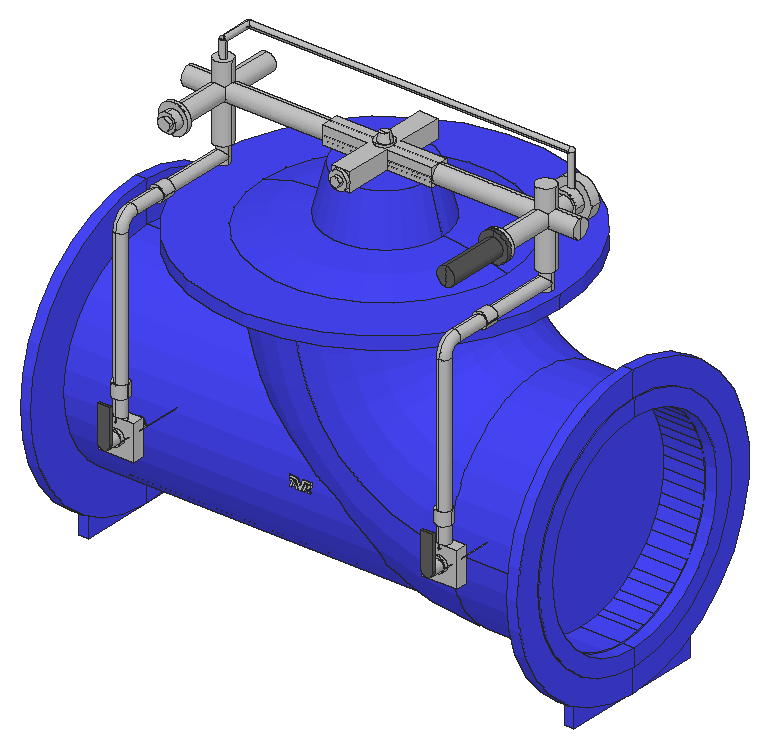
Revit family "859-001X-001 DN350-600 final", category Pipe Accessories, Revit 2022
Family settings
  Round Connector Dimension = Use Diameter
  Part Type = Valve - Breaks Into
  Work Plane-Based = No
  Always vertical = Yes
  Cut with Voids When Loaded = No
  Shared = No
Parameters (values of type "DN600_PN16_Pilot range ( 1.5 - 6)")
  sweep_box2 = Bolt_Dia / 2  # 22.1 mm
  sweep_box1 = Centre_D * 0.5  # 50 mm
  sweep_H1 = Bonnet_dim1_H * 1.4  # 43.05 mm
  sweep_H = (H3 - D) * 0.65  # 565.5 mm
  sweep_D = size_lookup(Search_table, "sweep_D", 0 mm, DN)  # 34 mm
  sweep_2 = sweep1 / 2  # 8.5 mm
  sweep1 = sweep_D * 0.5  # 17 mm
  sweep/2 = sweep1 / 2  # 8.5 mm
  sweep = sweep_D * 1.1  # 37.4 mm
  nut_dim = Bonnet_D1 * 0.5  # 252 mm
  Wd2 = size_lookup(Search_table, "Wd2", 0 mm, DN)  # 509 mm
  Wd1 = W1 * 0.85  # 432.65 mm
  Sweep_R = sweep1 * 1.5  # 25.5 mm
  L3 = Bonnet_R * 1.1  # 582.12 mm
  dim1 = W1 * 0.4  # 203.6 mm
  centre = Bore1 * 1.3  # 468.39 mm
  W22 = W2 * 0.8  # 407.2 mm
  W2 = size_lookup(Search_table, "W2", 0 mm, DN)  # 509 mm
  W11 = (W1 - sweep_D) * 0.78  # 370.5 mm
  W1 = size_lookup(Search_table, "W1", 0 mm, DN)  # 509 mm
  W = W1 - (sweep_D / 2)  # 492 mm
  URL_product_pages = "https://www.avkvalves.com/P.aspx?no=8590065001140010"
  Thickness1 = Thickness * 1.2  # 25.92 mm
  Thickness = FL_T * 0.6  # 21.6 mm
  Raised_dis = size_lookup(Search_table, "Raised_dis", 0 mm, DN)  # 5 mm
  Raised_R = (D - Bore) * 0.4  # 47.9 mm
  Nut_T = FL_T * 0.8  # 28.8 mm
  Nut_Dim2 = Control_dim1 * 0.4  # 10.584 mm
  Nut_Dim1 = Bolt_Dia * 1.3  # 57.46 mm
  L = size_lookup(Search_table, "L", 0 mm, DN)  # 1450 mm
  H4 = H33 * 2  # 97.875 mm
  H33 = (H3 - (D + Bonnet_dim1_H1)) * 0.3  # 48.937 mm
  H3 = size_lookup(Search_table, "H3", 0 mm, DN)  # 1290 mm
  FL_T = size_lookup(Search_table, "FL_T", 0 mm, DN)  # 36 mm
  DN350_PN16_Pilot range ( 0.3 - 1.5) = "859-0350-00-1140018"
  DN400_PN10_Pilot range ( 1.5 - 6) = "859-0400-00-0140010"
  DN350_PN16_Pilot range ( 10 - 16) = "859-0350-00-1140012"
  DN350_PN16_Pilot range ( 5 - 10) = "859-0350-00-1140011"
  DN350_PN16_Pilot range ( 0.5 - 6) = "859-0350-00-1140010"
  DN350_PN10_Pilot range ( 5 - 10) = "859-0350-00-0140011"
  DN350_PN10_Pilot range ( 1.5 - 6) = "859-0350-00-0140010"
  DN600_PN16_Pilot range ( 0.3 - 1.5) = "859-0600-00-1140018"
  DN600_PN16_Pilot range ( 5 - 10) = "859-0600-00-1140011"
  DN600_PN16_Pilot range ( 10 - 16) = "859-0600-00-1140012"
  DN600_PN16_Pilot range ( 1.5 - 6) = "859-0600-00-1140010"
  DN600_PN10_Pilot range ( 0.3 - 1.5) = "859-0600-00-0140018"
  DN600_PN10_Pilot range ( 5 - 10) = "859-0600-00-0140011"
  DN600_PN10_Pilot range ( 1.5 - 6) = "859-0600-00-0140010"
  DN500_PN16_Pilot range ( 0.3 - 1.5) = "859-0500-00-1140018"
  DN500_PN16_Pilot range ( 5 - 10) = "859-0500-00-1140011"
  DN500_PN16_Pilot range ( 10 - 16) = "859-0500-00-1140012"
  DN500_PN16_Pilot range ( 1.5 - 6) = "859-0500-00-1140010"
  DN500_PN10_Pilot range ( 0.3 - 1.5) = "859-0500-00-0140018"
  DN500_PN10_Pilot range ( 5 - 10) = "859-0500-00-0140011"
  DN500_PN10_Pilot range ( 1.5 - 6) = "859-0500-00-0140010"
  DN450_PN16_Pilot range ( 0.3 - 1.5) = "859-0450-00-1140018"
  DN450_PN16_Pilot range ( 5 - 10) = "859-0450-00-1140011"
  DN450_PN16_Pilot range (  10 - 16) = "859-0450-00-1140012"
  DN450_PN16_Pilot range ( 1.5 - 6) = "859-0450-00-1140010"
  DN450_PN10_Pilot range ( 0.3 - 1.5) = "859-0450-00-0140018"
  DN450_PN10_Pilot range ( 1.5 - 6) = "859-0450-00-0140010"
  DN450_PN10_Pilot range ( 5 - 10) = "859-0450-00-0140011"
  DN400_PN16_Pilot range ( 0.3 - 1.5) = "859-0400-00-1140018"
  DN400_PN16_Pilot range ( 10 - 16) = "859-0400-00-1140012"
  DN400_PN16_Pilot range ( 1.5 - 6) = "859-0400-00-1140010"
  DN400_PN16_Pilot range ( 5 - 10) = "859-0400-00-1140011"
  DN400_PN10_Pilot range ( 0.3 - 1.5) = "859-0400-00-0140018"
  DN400_PN10_Pilot range ( 5 - 10) = "859-0400-00-0140011"
  D = size_lookup(Search_table, "D", 0 mm, DN) / 2  # 420 mm
  Search_table = "859-001X-001 DN350-600"
  Description_ = "AVK CONTROL VALVE, PRESSURE SUSTAINING/RELIEF, PN10/16"
  Default Elevation = 0 mm
  DN350_PN10_Pilot range ( 0.3 - 1.5) = "859-0350-00-0140018"
  DN = 600.5 mm
  Control_dim7 = Control_dim6 * 1.35  # 57.868 mm
  Control_dim6 = Control_dim5 * 1.2  # 42.865 mm
  Control_dim5 = Control_dim1 * 1.35  # 35.721 mm
  Control_dim4 = Bonnet_D1 * 0.9  # 453.6 mm
  Control_dim3 = Control_dim1 * 0.5  # 13.23 mm
  Control_dim2 = Bonnet_dim3 * 1.2  # 158.76 mm
  Control_dim1 = Bonnet_dim3 * 0.2  # 26.46 mm
  Conrol_dim. = Bonnet_dim1 * 0.85  # 299.88 mm
  Centre_nut = Centre_D * 0.75  # 75 mm
  Centre_D1 = Centre_D * 0.8  # 80 mm
  Centre_D = size_lookup(Search_table, "Centre_D", 0 mm, DN)  # 100 mm
  Bore2 = Bore * 1.5  # 450.375 mm
  Bore1 = Bore * 1.2  # 360.3 mm
  Bore = DN / 2  # 300.25 mm
  Bonnet_dim3 = Bonnet_dim2 * 0.75  # 132.3 mm
  Bonnet_dim2 = Bonnet_dim1 / 2  # 176.4 mm
  Bonnet_dim1_H1 = sweep_H * 1.25  # 706.875 mm
  Bonnet_dim1_H = (sweep_H - Body_H) / 2  # 30.75 mm
  Bonnet_dim1 = Bonnet_D1 * 0.7  # 352.8 mm
  Bonnet_R = Bonnet_dim1 * 1.5  # 529.2 mm
  Bonnet_D1 = D * 1.2  # 504 mm
  Bonnet_D = D * 0.6  # 252 mm
  Bolt_Dia = sweep_D * 1.3  # 44.2 mm
  Body_Rib_L = D * 0.5  # 210 mm
  Body_H = D * 1.2  # 504 mm
  Actuator_d = Control_dim7 * 1.2  # 69.442 mm
  Actuator_L1 = Actuator_L * 0.9  # 206.145 mm
  Actuator_L = W2 * 0.45  # 229.05 mm
  Actuator = 0 mm  # constant formula
  8 = 8 mm  # constant formula
  53 = 40 mm / 2  # 20 mm
  50 = 50 mm  # constant formula
  48 = 30 mm / 2  # 15 mm
  3 = 3 mm  # constant formula
  18 = 11 mm  # constant formula
  131 = 131 mm  # constant formula
  10 = 10 mm  # constant formula
  0 = 0 mm  # constant formula
Reference planes
  plane 1 "Center (Front/Back)": y = 0
  plane 2: z = 0
  plane 3 "Center (Left/Right)": x = 0
  plane 4: x = -725
  plane 5: x = 725
  plane 6: z = 300.25
  plane 7: z = -300.25
  plane 8: z = 504
  plane 9: z = 870
  plane 10: z = -420
  plane 11: y = -432.65
  plane 12: y = -396.3
  plane 13: y = -360.3
  plane 14: y = -406.3
  plane 15: z = 534.75
  plane 16: z = 706.875
  plane 17: z = -303.25
  plane 18: x = 720
  plane 19: x = -720
  plane 20: x = -568.39
  plane 21: x = -468.39
  plane 22: x = 468.39
  plane 23: y = -393.3
  plane 24: y = -370.5
  plane 25: y = -352.8
  plane 26: z = 50
  plane 27: z = 821.063
  plane 28: z = 733.335
  plane 29: y = -158.76
  plane 30: y = -34.713
  plane 31: y = -169.344
  plane 32: z = 759.795
  plane 33: x = -300.25
  plane 34: z = 565.5
  plane 35: z = 587.6
  plane 36: z = 786.255
  plane 37: z = 100
  plane 38: y = -203.6
  plane 39: y = 407.2
  plane 40: y = -26.46
  plane 41: y = 62.46
  plane 42: y = 26.46
  plane 43: y = 91.26
  plane 44: y = 120.06
  plane 45: x = 582.12
  plane 46: x = 617.841
  plane 47: x = 568.39
  plane 48: z = 861.5
  plane 49: through (0, 0, 1200) normal (-0.766, -0.6428, 0)
  plane 50: y = 94.8
  plane 51: z = 772.125
  plane 52: x = 648.39
  plane 53: y = 299.88
  plane 54: y = 509
  plane 55: y = -509
Forms (mm)
  Revolve 1, solid, material "Laminate, Blue, Matte"
    sketch origin (0, 0, 0) x (1, 0, 0) y (0, 0, 1)
      loop
        line (-725, 300.25) -> (725, 300.25) -> (725, 348.15) -> (720, 348.15) -> (720, 420) -> (689, 420) -> (689, 303.25) -> (-689, 303.25) -> (-689, 420) -> (-720, 420) -> (-720, 348.15) -> (-725, 348.15) -> (-725, 300.25)
      axis (-725, 0) -> (725, 0)
    angle from 0 to 360
  Extrusion 2, solid, material "Laminate, Blue, Matte"
    sketch origin (-387.236, -1524, 504) x (-1, 0, 0) y (0, -1, 0)
      loop
        circle (-387.236, -1524) r 509
    from 0 to 36
  Extrusion 3, solid, material "Laminate, Blue, Matte"
    sketch origin (0, 0, 0) x (0, 1, 0) y (0, 0, 1)
      loop
        circle (0, 0) r 300.25
    from -568.39 to 568.39
  Extrusion 4, solid, material "Default Wall"
    sketch origin (0, -396.3, 1382.259) x (0, 0, 1) y (-1, 0, 0)
      loop
        circle (-1382.259, 468.39) r 17
      loop
        circle (-1382.259, -468.39) r 17
    from 0 to -396.3
  Extrusion 5, solid, material "Default Wall"
    sketch origin (0, -396.3, 1382.259) x (0, 0, 1) y (-1, 0, 0)
      loop
        circle (-1382.259, 468.39) r 22.1
      loop
        circle (-1382.259, -468.39) r 22.1
    from 0 to -25.8
  Sweep 6, solid, material "Default Wall"
    path origin (0, 0, 0) x (0, 1, 0) y (0, 0, 1)
      loop
        line (0, 0) -> (-333.1, 0)
        arc (-333.1, 0) -> (-359.546, 10.954) -> (-370.5, 37.4) r 37.4
        line (-370.5, 37.4) -> (-370.5, 528.1)
        arc (-370.5, 528.1) -> (-359.546, 554.546) -> (-333.1, 565.5) r 37.4
        line (-333.1, 565.5) -> (0, 565.5)
    profile origin (0, 0, 0) x (0, 0, -1) y (1, 0, 0)
      loop
        circle (0, -468.39) r 17
      loop
        circle (0, 468.39) r 17
  Revolve 7, solid, material "Laminate, Blue, Matte"
    sketch origin (0, 0, 0) x (1, 0, 0) y (0, 0, 1)
      loop
        line (0, 540) -> (352.8, 540)
        arc (352.8, 540) -> (177.005, 573.797) -> (0, 547.05) r 529.2
        line (0, 547.05) -> (0, 540)
      axis (0, 547.05) -> (0, 540)
    angle from 0 to 360
  Revolve 8, solid, material "Laminate, Blue, Matte"
    sketch origin (0, 0, 0) x (1, 0, 0) y (0, 0, 1)
      loop
        line (0, 534.75) -> (176.4, 534.75) -> (132.3, 706.875) -> (0, 706.875) -> (0, 534.75)
      axis (0, 534.75) -> (0, 706.875)
    angle from 0 to 360
  Extrusion 9, solid, material "Laminate, Blue, Matte"
    sketch origin (0, 0, 0) x (0, 1, 0) y (0, 0, 1)
      loop
        line (210, -303.25) -> (-210, -303.25) -> (-210, -420) -> (210, -420) -> (210, -303.25)
    from 689 to 717
  Extrusion 10, solid, material "Laminate, Blue, Matte"
    sketch origin (0, 0, 0) x (0, 1, 0) y (0, 0, 1)
      loop
        line (210, -303.25) -> (-210, -303.25) -> (-210, -420) -> (210, -420) -> (210, -303.25)
    from -689 to -717
  Extrusion 11, solid, material "Default Wall"
    sketch origin (0, 0, 0) x (1, 0, 0) y (0, 0, 1)
      loop
        circle (-468.39, 0) r 17
      loop
        circle (468.39, 0) r 17
    from 0 to 424.65
  Extrusion 12, solid, material "Default Roof"
    sketch origin (0, 0, 0) x (1, 0, 0) y (0, 0, 1)
      loop
        arc (-485.39, 0) -> (-480.411, -12.021) -> (-468.39, -17) r 17
        arc (-468.39, -17) -> (-456.369, -12.021) -> (-451.39, 0) r 17
        line (-451.39, 0) -> (-451.39, 100) -> (-485.39, 100) -> (-485.39, 0)
      loop
        arc (451.39, 0) -> (456.369, -12.021) -> (468.39, -17) r 17
        arc (468.39, -17) -> (480.411, -12.021) -> (485.39, 0) r 17
        line (485.39, 0) -> (485.39, 100) -> (451.39, 100) -> (451.39, 0)
    from 432.65 to 424.65
  Extrusion 13, solid, material "Default Wall"
    sketch origin (-741.585, -1524, 706.875) x (-1, 0, 0) y (0, -1, 0)
      loop
        line (-768.045, -1550.46) -> (-768.045, -1682.76) -> (-715.125, -1682.76) -> (-715.125, -1550.46) -> (-582.825, -1550.46) -> (-582.825, -1497.54) -> (-715.125, -1497.54) -> (-715.125, -1365.24) -> (-768.045, -1365.24) -> (-768.045, -1497.54) -> (-900.345, -1497.54) -> (-900.345, -1550.46) -> (-768.045, -1550.46)
    from 0 to 52.92
  Revolve 14, solid, material "Default Wall"
    sketch origin (0, 0, 0) x (1, 0, 0) y (0, 0, 1)
      loop
        line (0, 733.335) -> (26.46, 733.335) -> (13.23, 786.255) -> (0, 786.255) -> (0, 733.335)
      axis (0, 786.255) -> (0, 733.335)
    angle from 0 to 360
  Extrusion 15, solid, material "Default Wall"
    sketch origin (0, 0, 0) x (1, 0, 0) y (0, 0, 1)
      loop
        circle (0, 733.335) r 26.46
    from 158.76 to 169.344
  Extrusion 16, solid, material "Default Wall"
    sketch origin (0, 0, 0) x (1, 0, 0) y (0, 0, 1)
      loop
        circle (0, 733.335) r 13.23
    from 169.344 to 179.928
  Extrusion 17, solid, material "Default Wall"
    sketch origin (-741.585, -1524, 706.875) x (-1, 0, 0) y (0, -1, 0)
      loop
        circle (-741.585, -1524) r 26.46
    from 52.92 to 57.92
  Sweep 18, solid, material "Laminate, Blue, Matte"
    path origin (0, 0, 0) x (1, 0, 0) y (0, 0, 1)
      loop
        line (0, 504) -> (0, 450.375)
        arc (0, 450.375) -> (131.912, 131.912) -> (450.375, 0) r 450.375
        line (450.375, 0) -> (689, 0)
    profile origin (0, 0, 504) x (0, -1, 0) y (1, 0, 0)
      loop
        circle (0, 0) r 300.25
      loop
        circle (0, 0) r 326.17
  Extrusion 19, solid, material "Default Wall"
    sketch origin (-741.585, -1524, 706.875) x (-1, 0, 0) y (0, -1, 0)
      loop
        circle (-273.195, -1524) r 26.46
      loop
        circle (-1209.975, -1524) r 26.46
    from -109.275 to 108.18
  Extrusion 20, solid, material "Default Wall"
    sketch origin (-741.585, -1524, 706.875) x (-1, 0, 0) y (0, -1, 0)
      loop
        circle (-273.195, -1524) r 17
      loop
        circle (-1209.975, -1524) r 17
    from 26.46 to -163.475
  Extrusion 21, solid, material "Default Wall"
    sketch origin (0, 0, 0) x (1, 0, 0) y (0, 0, 1)
      loop
        circle (-468.39, 565.5) r 22.1
      loop
        circle (468.39, 565.5) r 22.1
    from 203.6 to 239.6
  Extrusion 22, solid, material "Default Wall"
    sketch origin (-741.585, -1524, 706.875) x (-1, 0, 0) y (0, -1, 0)
      loop
        circle (-273.195, -1153.5) r 22.1
      loop
        circle (-1209.975, -1153.5) r 22.1
    from -606.875 to -570.875
  Extrusion 23, solid, material "Default Wall"
    sketch origin (0, 0, 0) x (1, 0, 0) y (0, 0, 1)
      loop
        circle (-468.39, 733.335) r 17
      loop
        circle (468.39, 733.335) r 17
    from 203.6 to 214.184
  Extrusion 24, solid, material "Default Wall"
    sketch origin (0, 0, 13.394) x (1, 0, 0) y (0, 0, 1)
      loop
        circle (468.39, 719.941) r 35.721
    from -91.26 to -62.46
  Extrusion 25, solid, material "Default Wall"
    sketch origin (0, 0, 0) x (1, 0, 0) y (0, 0, 1)
      loop
        circle (468.39, 733.335) r 57.868
    from -120.06 to -91.26
  Revolve 26, solid, material "Default Wall"
    sketch origin (0, 0, 0) x (1, 0, 0) y (0, 0, 1)
      loop
        line (-568.39, 759.795) -> (-568.39, 733.335) -> (568.39, 733.335) -> (568.39, 759.795) -> (-568.39, 759.795)
      axis (-568.39, 733.335) -> (568.39, 733.335)
    angle from 0 to 360
  Extrusion 27, solid, material "Default Wall"
    sketch origin (-435.053, -1318.355, 861.5) x (-1, 0, 0) y (0, -1, 0)
      loop
        circle (-903.443, -1409.615) r 8.5
    from -128.165 to 0
  Extrusion 28, solid, material "Default Wall"
    sketch origin (4267.2, 91.26, 742.449) x (0, 0, 1) y (1, 0, 0)
      loop
        circle (-9.114, -4735.59) r 26.46
    from -260.604 to -91.26
  Extrusion 29, solid, material "Default Wall"
    sketch origin (4267.2, 91.26, 742.449) x (0, 0, 1) y (1, 0, 0)
      loop
        circle (-9.114, -4735.59) r 42.865
      loop
        circle (-9.114, -3798.81) r 42.865
    from -271.188 to -260.604
  Extrusion 30, solid, material "Default Wall"
    sketch origin (4267.2, 91.26, 742.449) x (0, 0, 1) y (1, 0, 0)
      loop
        circle (-9.114, -4735.59) r 26.46
    from -294.86 to -260.604
  Extrusion 31, solid, material "Default Wall"
    sketch origin (4267.2, 91.26, 742.449) x (0, 0, 1) y (1, 0, 0)
      loop
        circle (-9.114, -3798.81) r 26.46
    from -260.604 to -91.26
  Extrusion 32, solid, material "Default Wall"
    sketch origin (4267.2, 91.26, 742.449) x (0, 0, 1) y (1, 0, 0)
      loop
        circle (-9.114, -3798.81) r 26.46
    from -91.26 to -28.8
  Revolve 33, solid, material "Default Roof"
    sketch origin (468.39, -1524, 720.321) x (0, 0, 1) y (0, -1, 0)
      loop
        line (39.474, -1161.64) -> (13.014, -1161.64) -> (13.014, -1344.072) -> (55.88, -1344.072) -> (55.88, -1333.072) -> (39.474, -1333.072) -> (39.474, -1161.64)
      axis (13.014, -1161.64) -> (13.014, -1344.072)
    angle from 0 to 360
  Revolve 34, solid, material "Default Wall"
    sketch origin (-470.377, -1524, 861.5) x (-1, 0, 0) y (0, -1, 0)
      loop
        line (-1.987, -1615.26) -> (-1.987, -1606.76) -> (-937.953, -1606.76)
        arc (-937.953, -1606.76) -> (-944.258, -1609.204) -> (-947.267, -1615.26) r 9.353
        line (-947.267, -1615.26) -> (-1.987, -1615.26)
      axis (-1.987, -1615.26) -> (-947.267, -1615.26)
    angle from 0 to 360
  Extrusion 35, solid, material "Default Wall"
    sketch origin (-470.377, -1524, 861.5) x (-1, 0, 0) y (0, -1, 0)
      loop
        circle (-1.987, -1524) r 8.5
    from -128.165 to 0
  Revolve 36, solid, material "Default Wall"
    sketch origin (-468.39, -1524, 720.321) x (0, 0, 1) y (0, -1, 0)
      loop
        line (149.679, -1524) -> (141.179, -1524) -> (141.179, -1615.26) -> (149.679, -1615.26) -> (149.679, -1524)
      axis (141.179, -1615.26) -> (141.179, -1524)
    angle from 0 to 360
  Extrusion 37, solid, material "Default Wall"
    sketch origin (4267.2, 91.26, 742.449) x (0, 0, 1) y (1, 0, 0)
      loop
        line (-692.449, -4785.59) -> (-692.449, -4685.59) -> (-792.449, -4685.59) -> (-792.449, -4785.59) -> (-692.449, -4785.59)
      loop
        line (-692.449, -3848.81) -> (-692.449, -3748.81) -> (-792.449, -3748.81) -> (-792.449, -3848.81) -> (-692.449, -3848.81)
    from -478.76 to -444.76
  Extrusion 38, solid, material "Default Wall"
    sketch origin (4267.2, 91.26, 742.449) x (0, 0, 1) y (1, 0, 0)
      loop
        circle (-9.114, -4735.59) r 26.46
    from -91.26 to 67.5
Dimensions and locks
  equal spacing: plane 5, plane 3 "Center (Left/Right)", plane 4
  "L": plane 5 to plane 4
  equal spacing: plane 6, level, plane 7
  "Bore": plane 6 to level
  equal spacing: Revolve 1 sketch curve, plane 3 "Center (Left/Right)", Revolve 1 sketch curve  (x2)
  "FL_T": Revolve 1 sketch curve to plane 4
  "Raised_dis": Revolve 1 sketch curve to plane 4
  "3": Revolve 1 sketch curve to plane 6
  "D": Revolve 1 sketch curve to level
  "Body_H": plane 8 to level
  equal spacing: Extrusion 2 sketch curve, plane 3 "Center (Left/Right)", Extrusion 2 sketch curve
  equal spacing: Extrusion 2 sketch curve, plane 1 "Center (Front/Back)", Extrusion 2 sketch curve
  "FL_T": Extrusion 2 to plane 8
  "D": level to plane 10
  "H3": plane 9 to plane 10
  equal spacing: Extrusion 3 sketch curve, plane 1 "Center (Front/Back)", Extrusion 3 sketch curve
  equal spacing: Extrusion 3 sketch curve, level, Extrusion 3 sketch curve
  equal spacing: Extrusion 3, plane 3 "Center (Left/Right)", Extrusion 3
  equal spacing: Extrusion 4 sketch curve, plane 3 "Center (Left/Right)", Extrusion 4 sketch curve
  "centre": plane 3 "Center (Left/Right)" to Extrusion 4 sketch curve
  "Wd1": plane 1 "Center (Front/Back)" to plane 11
  "FL_T": plane 13 to plane 12
  "Bore1": plane 1 "Center (Front/Back)" to plane 13
  equal spacing: Extrusion 5 sketch curve, plane 3 "Center (Left/Right)", Extrusion 5 sketch curve
  equal spacing: Extrusion 5 sketch curve, level, Extrusion 5 sketch curve  (x2)
  "centre": Extrusion 5 sketch curve to plane 3 "Center (Left/Right)"
  plane 14 to plane 1 "Center (Front/Back)" = 406.3 mm
  "10": plane 14 to plane 12
  "sweep_H": Sweep 6 sketch curve to level
  "W11": Sweep 6 sketch curve to plane 1 "Center (Front/Back)"
  equal spacing: Sweep 6 sketch curve, level, Sweep 6 sketch curve  (x2)
  "centre": plane 3 "Center (Left/Right)" to Sweep 6 sketch curve
  equal spacing: Sweep 6 sketch curve, plane 3 "Center (Left/Right)", Sweep 6 sketch curve
  "FL_T": Revolve 7 sketch curve to plane 8
  "Bonnet_dim1": Revolve 7 sketch curve to plane 3 "Center (Left/Right)"
  "Bonnet_dim1_H1": plane 16 to level
  "Bonnet_dim3": Revolve 8 sketch curve to plane 3 "Center (Left/Right)"
  "Bonnet_dim2": Revolve 8 sketch curve to plane 3 "Center (Left/Right)"
  "Bonnet_dim1_H": plane 15 to plane 8
  "sweep_H1": Revolve 7 sketch curve to plane 8
  equal spacing: Extrusion 9 sketch curve, plane 1 "Center (Front/Back)", Extrusion 9 sketch curve
  "Body_Rib_L": Extrusion 9 sketch curve to plane 1 "Center (Front/Back)"
  "3": plane 7 to plane 17
  "FL_T": plane 5 to Extrusion 9
  "Raised_dis": plane 18 to plane 5
  equal spacing: Extrusion 10 sketch curve, plane 1 "Center (Front/Back)", Extrusion 10 sketch curve
  "Body_Rib_L": Extrusion 10 sketch curve to plane 1 "Center (Front/Back)"
  "3": plane 7 to Extrusion 10 sketch curve
  "FL_T": Extrusion 10 to plane 4
  "Raised_dis": plane 19 to plane 4
  "3": plane 19 to Extrusion 10
  equal spacing: Extrusion 9, plane 3 "Center (Left/Right)", Extrusion 10
  equal spacing: plane 22, plane 3 "Center (Left/Right)", plane 21
  "centre": plane 3 "Center (Left/Right)" to plane 21
  "Centre_D": plane 21 to plane 20
  "W11": plane 24 to plane 1 "Center (Front/Back)"
  "Bonnet_dim1": plane 25 to plane 1 "Center (Front/Back)"
  "sweep_box1": plane 26 to level
  "sweep_box1": Extrusion 12 to plane 26
  "8": plane 11 to Extrusion 12
  "H33": plane 9 to plane 27
  equal spacing: Extrusion 13 sketch curve, plane 3 "Center (Left/Right)", Extrusion 13 sketch curve  (x2)
  equal spacing: Extrusion 13 sketch curve, plane 1 "Center (Front/Back)", Extrusion 13 sketch curve  (x2)
  "Control_dim2": Extrusion 13 sketch curve to plane 3 "Center (Left/Right)"
  "Control_dim2": plane 1 "Center (Front/Back)" to Extrusion 13 sketch curve
  "Control_dim1": plane 3 "Center (Left/Right)" to Extrusion 13 sketch curve
  "Control_dim1": plane 1 "Center (Front/Back)" to Extrusion 13 sketch curve
  "Control_dim3": Revolve 14 sketch curve to plane 3 "Center (Left/Right)"
  "Control_dim1": Revolve 14 sketch curve to Extrusion 13
  "Raised_R": Revolve 1 sketch curve to plane 6
  "Control_dim1": plane 28 to plane 16
  "Control_dim1": Extrusion 13 to plane 28
  "Control_dim1": Revolve 14 sketch curve to plane 3 "Center (Left/Right)"
  equal spacing: Extrusion 15 sketch curve, plane 3 "Center (Left/Right)", Extrusion 15 sketch curve
  equal spacing: Extrusion 15 sketch curve, plane 28, Extrusion 15 sketch curve
  "Control_dim2": plane 29 to plane 1 "Center (Front/Back)"
  "Nut_Dim2": Extrusion 15 to plane 29
  equal spacing: Extrusion 16 sketch curve, plane 3 "Center (Left/Right)", Extrusion 16 sketch curve
  equal spacing: Extrusion 16 sketch curve, plane 28, Extrusion 16 sketch curve
  "Nut_Dim2": plane 31 to plane 29
  "Nut_Dim2": Extrusion 16 to plane 31
  equal spacing: Extrusion 17 sketch curve, plane 3 "Center (Left/Right)", Extrusion 17 sketch curve
  equal spacing: Extrusion 17 sketch curve, Extrusion 4, Extrusion 17 sketch curve
  "Control_dim1": plane 32 to plane 28
  "Raised_dis": Extrusion 17 to plane 32
  "FL_T": plane 5 to Sweep 18 sketch curve
  equal spacing: Sweep 18 sketch curve, plane 3 "Center (Left/Right)", Sweep 18 sketch curve  (x2)
  equal spacing: Sweep 18 sketch curve, plane 1 "Center (Front/Back)", Sweep 18 sketch curve  (x2)
  "Bore": plane 33 to plane 3 "Center (Left/Right)"
  "Thickness1": Sweep 18 sketch curve to plane 33
  equal spacing: Extrusion 19 sketch curve, plane 1 "Center (Front/Back)", Extrusion 19 sketch curve  (x2)
  equal spacing: Extrusion 19 sketch curve, plane 3 "Center (Left/Right)", Extrusion 19 sketch curve
  equal spacing: Extrusion 19 sketch curve, plane 21, Extrusion 19 sketch curve
  "sweep_H": plane 34 to level
  "sweep_box2": plane 35 to plane 34
  "10": Extrusion 19 to plane 35
  "Control_dim1": plane 36 to plane 32
  equal spacing: Extrusion 20 sketch curve, plane 1 "Center (Front/Back)", Extrusion 20 sketch curve  (x2)
  equal spacing: Extrusion 20 sketch curve, plane 3 "Center (Left/Right)", Extrusion 20 sketch curve
  "centre": Extrusion 20 sketch curve to plane 3 "Center (Left/Right)"
  "sweep_box2": plane 34 to Extrusion 20
  equal spacing: Extrusion 21 sketch curve, plane 3 "Center (Left/Right)", Extrusion 21 sketch curve
  equal spacing: Extrusion 21 sketch curve, plane 21, Extrusion 21 sketch curve
  "sweep_H": Extrusion 21 sketch curve to level  (x2)
  equal spacing: Extrusion 22 sketch curve, plane 3 "Center (Left/Right)", Extrusion 22 sketch curve
  "W11": Extrusion 22 sketch curve to plane 1 "Center (Front/Back)"  (x2)
  equal spacing: Extrusion 22 sketch curve, plane 21, Extrusion 22 sketch curve
  "sweep_box1": plane 37 to plane 26
  "FL_T": Extrusion 22 to plane 37
  "dim1": plane 38 to plane 1 "Center (Front/Back)"
  "FL_T": Extrusion 21 to plane 38
  "W22": plane 1 "Center (Front/Back)" to plane 39
  "Control_dim1": plane 40 to plane 1 "Center (Front/Back)"
  equal spacing: Extrusion 23 sketch curve, plane 21, Extrusion 23 sketch curve
  equal spacing: Extrusion 23 sketch curve, plane 28, Extrusion 23 sketch curve  (x2)
  equal spacing: Extrusion 23 sketch curve, plane 3 "Center (Left/Right)", Extrusion 23 sketch curve
  "Nut_Dim2": Extrusion 23 to plane 38
  equal spacing: Extrusion 24 sketch curve, plane 22, Extrusion 24 sketch curve
  equal spacing: Extrusion 24 sketch curve, plane 28, Extrusion 24 sketch curve
  "Control_dim1": plane 1 "Center (Front/Back)" to plane 42
  "Nut_T": plane 41 to plane 43
  "FL_T": plane 42 to plane 41
  "Nut_T": plane 43 to plane 44
  equal spacing: Extrusion 25 sketch curve, plane 22, Extrusion 25 sketch curve
  equal spacing: Extrusion 25 sketch curve, plane 28, Extrusion 25 sketch curve
  "Nut_T": Extrusion 19 to plane 36
  "Nut_T": plane 43 to Extrusion 25
  "Control_dim1": Revolve 26 sketch curve to plane 28
  "L3": plane 3 "Center (Left/Right)" to plane 45
  "Control_dim5": plane 45 to plane 46
  equal spacing: Revolve 26 sketch curve, plane 3 "Center (Left/Right)", Revolve 26 sketch curve
  "Centre_D": plane 22 to plane 47
  "sweep/2": plane 9 to plane 48
  "H4": plane 9 to plane 51
  "Centre_D1": plane 47 to plane 52
  plane 5 to plane 4 = 1450 mm
  plane 11 to plane 1 "Center (Front/Back)" = 432.65 mm
  plane 9 to plane 10 = 1290 mm
  equal spacing: Extrusion 28 sketch curve, plane 28, Extrusion 28 sketch curve
  equal spacing: Extrusion 28 sketch curve, plane 21, Extrusion 28 sketch curve
  equal spacing: Extrusion 29 sketch curve, plane 21, Extrusion 29 sketch curve
  equal spacing: Extrusion 29 sketch curve, plane 22, Extrusion 29 sketch curve
  equal spacing: Extrusion 29 sketch curve, plane 28, Extrusion 29 sketch curve  (x2)
  equal spacing: Extrusion 30 sketch curve, plane 21, Extrusion 30 sketch curve
  equal spacing: Extrusion 30 sketch curve, plane 28, Extrusion 30 sketch curve
  equal spacing: Extrusion 27 sketch curve, plane 43, Extrusion 27 sketch curve
  equal spacing: Extrusion 27 sketch curve, plane 22, Extrusion 27 sketch curve
  equal spacing: Extrusion 31 sketch curve, plane 22, Extrusion 31 sketch curve
  equal spacing: Extrusion 31 sketch curve, plane 28, Extrusion 31 sketch curve
  "Conrol_dim.": plane 1 "Center (Front/Back)" to plane 53
  equal spacing: Extrusion 32 sketch curve, plane 22, Extrusion 32 sketch curve
  equal spacing: Extrusion 32 sketch curve, plane 28, Extrusion 32 sketch curve
  "Control_dim1": Revolve 33 sketch curve to plane 28
  "Control_dim6": Revolve 33 sketch curve to plane 28
  "Nut_Dim2": Revolve 33 sketch curve to plane 31
  "18": Revolve 33 sketch curve to Revolve 33 sketch curve
  "sweep/2": plane 43 to Revolve 34 sketch curve
  "sweep/2": plane 22 to Revolve 34 sketch curve
  equal spacing: Extrusion 35 sketch curve, plane 21, Extrusion 35 sketch curve
  equal spacing: Extrusion 35 sketch curve, plane 1 "Center (Front/Back)", Extrusion 35 sketch curve
  "sweep/2": Revolve 36 sketch curve to plane 48
  "W2": plane 1 "Center (Front/Back)" to plane 54
  "3": plane 12 to plane 23
  "W2": plane 55 to plane 1 "Center (Front/Back)"
  equal spacing: Extrusion 37 sketch curve, plane 21, Extrusion 37 sketch curve
  equal spacing: Extrusion 37 sketch curve, level, Extrusion 37 sketch curve
  equal spacing: Extrusion 37 sketch curve, plane 22, Extrusion 37 sketch curve
  "sweep_box1": plane 21 to Extrusion 37 sketch curve
  "sweep_box1": Extrusion 37 sketch curve to level
  "sweep1": plane 24 to Extrusion 37
  "sweep1": Extrusion 37 to plane 24
  "sweep_box1": Extrusion 37 sketch curve to plane 22
  equal spacing: Extrusion 38 sketch curve, plane 21, Extrusion 38 sketch curve
  equal spacing: Extrusion 38 sketch curve, plane 28, Extrusion 38 sketch curve
  "Control_dim2": plane 1 "Center (Front/Back)" to Extrusion 38
  "Control_dim2": Revolve 33 to plane 38
  "W1": radius of Extrusion 2 sketch curve
  "Bore": radius of Extrusion 3 sketch curve
  "sweep_D": diameter of Extrusion 4 sketch curve  (x2)
  "Bolt_Dia": diameter of Extrusion 5 sketch curve  (x2)
  "sweep": radius of Sweep 6 sketch curve  (x2)
  "sweep_D": diameter of Sweep 6 sketch curve  (x2)
  "Bonnet_R": radius of Revolve 7 sketch curve
  "Control_dim1": radius of Extrusion 15 sketch curve
  "Control_dim3": radius of Extrusion 16 sketch curve
  "Control_dim1": radius of Extrusion 17 sketch curve
  "Bore2": radius of Sweep 18 sketch curve
  "Bore": radius of Sweep 18 sketch curve
  "Control_dim1": radius of Extrusion 19 sketch curve  (x2)
  "sweep_D": diameter of Extrusion 20 sketch curve  (x2)
  "Bolt_Dia": diameter of Extrusion 21 sketch curve  (x2)
  "Bolt_Dia": diameter of Extrusion 22 sketch curve  (x2)
  "sweep_D": diameter of Extrusion 23 sketch curve  (x2)
  "Control_dim5": radius of Extrusion 24 sketch curve
  "Control_dim7": radius of Extrusion 25 sketch curve
  "Control_dim1": radius of Extrusion 28 sketch curve
  "Control_dim6": radius of Extrusion 29 sketch curve  (x2)
  "Control_dim1": radius of Extrusion 30 sketch curve
  "sweep1": diameter of Extrusion 27 sketch curve
  "Control_dim1": radius of Extrusion 31 sketch curve
  "Control_dim1": radius of Extrusion 32 sketch curve
  "sweep/2": radius of Extrusion 35 sketch curve
  "Control_dim1": radius of Extrusion 38 sketch curve
  aligned and locked: level to plane 2
  aligned and locked: Revolve 1 sketch curve to Revolve 1 sketch curve  (x2)
  aligned and locked: Revolve 1 sketch curve to plane 6
  aligned and locked: plane 5 to Revolve 1 sketch curve
  aligned and locked: Revolve 1 sketch curve to level
  aligned and locked: Extrusion 2 to plane 8
  aligned and locked: plane 1 "Center (Front/Back)" to Extrusion 4
  aligned and locked: plane 12 to Extrusion 4
  aligned and locked: level to Sweep 6 sketch curve
  aligned and locked: plane 1 "Center (Front/Back)" to Sweep 6 sketch curve  (x2)
  aligned and locked: Revolve 7 sketch curve to plane 3 "Center (Left/Right)"
  aligned and locked: Revolve 8 sketch curve to plane 3 "Center (Left/Right)"  (x2)
  aligned and locked: Revolve 8 sketch curve to plane 15
  aligned and locked: plane 16 to Revolve 8 sketch curve
  aligned and locked: Extrusion 9 sketch curve to plane 10
  aligned and locked: plane 17 to Extrusion 9
  aligned and locked: plane 10 to Extrusion 10 sketch curve
  aligned and locked: plane 20 to Extrusion 3
  aligned and locked: Extrusion 11 sketch curve to Sweep 6  (x3)
  aligned and locked: Extrusion 12 sketch curve to Extrusion 4  (x4)
  aligned and locked: Extrusion 12 to plane 11
  aligned and locked: Extrusion 12 to Extrusion 11
  aligned and locked: Extrusion 12 to Extrusion 12
  aligned and locked: Extrusion 4 to Extrusion 5
  aligned and locked: plane 24 to Extrusion 5
  aligned and locked: Extrusion 13 sketch curve to Extrusion 13 sketch curve  (x4)
  aligned and locked: plane 3 "Center (Left/Right)" to Revolve 14 sketch curve
  aligned and locked: Revolve 14 sketch curve to plane 3 "Center (Left/Right)"
  aligned and locked: plane 28 to Revolve 14 sketch curve
  aligned and locked: Extrusion 15 to Extrusion 13
  aligned and locked: Extrusion 16 to Extrusion 15
  aligned and locked: Extrusion 17 to Extrusion 13
  aligned and locked: Sweep 18 sketch curve to plane 3 "Center (Left/Right)"
  aligned and locked: Sweep 18 sketch curve to level
  aligned and locked: plane 8 to Sweep 18 sketch curve
  aligned and locked: plane 28 to Extrusion 20
  aligned and locked: Extrusion 22 to plane 37
  aligned and locked: Extrusion 21 to plane 38
  aligned and locked: Extrusion 23 to plane 38
  aligned and locked: plane 41 to Extrusion 24
  aligned and locked: plane 43 to Extrusion 24
  aligned and locked: Extrusion 25 to plane 43
  aligned and locked: plane 28 to Revolve 26 sketch curve
  aligned and locked: Revolve 26 sketch curve to plane 28
  aligned and locked: plane 20 to Revolve 26 sketch curve
  aligned and locked: Extrusion 27 to plane 28
  aligned and locked: Extrusion 27 to plane 48
  aligned and locked: Extrusion 28 to plane 1 "Center (Front/Back)"
  aligned and locked: Extrusion 28 to Extrusion 15
  aligned and locked: Extrusion 29 to Extrusion 15
  aligned and locked: Extrusion 29 to Extrusion 16
  aligned and locked: Extrusion 30 to Extrusion 15
  aligned and locked: Extrusion 21 to Extrusion 30
  aligned and locked: Extrusion 15 to Extrusion 31
  aligned and locked: Extrusion 4 to Extrusion 31
  aligned and locked: Extrusion 32 to Extrusion 4
  aligned and locked: Extrusion 32 to Extrusion 24
  aligned and locked: plane 28 to Revolve 33 sketch curve
  aligned and locked: Revolve 33 sketch curve to plane 28
  aligned and locked: Revolve 34 sketch curve to plane 43  (x2)
  aligned and locked: Revolve 34 sketch curve to plane 21
  aligned and locked: Extrusion 35 to plane 28
  aligned and locked: plane 48 to Extrusion 35
  aligned and locked: Revolve 36 sketch curve to plane 43
  aligned and locked: Revolve 36 sketch curve to plane 1 "Center (Front/Back)"
  aligned and locked: plane 48 to Revolve 36 sketch curve
  aligned and locked: Revolve 36 sketch curve to plane 48
  aligned and locked: Extrusion 37 sketch curve to Extrusion 37 sketch curve  (x2)
  aligned and locked: plane 1 "Center (Front/Back)" to Extrusion 38
  aligned and locked: plane 3 "Center (Left/Right)" to nested 1
Automatic sketch dimensions
  Extrusion 12 sketch curve to plane 21 = 0 mm
  plane 22 to Extrusion 12 sketch curve = 0 mm
  Extrusion 12 sketch curve to plane 37 = 0 mm  (x2)
  plane 18 to Revolve 1 sketch curve = 0 mm
  plane 20 to Revolve 1 sketch curve = 30.096 mm
  plane 18 to Revolve 1 sketch curve = 9 mm
  Extrusion 4 sketch curve to level = 0 mm  (x2)
  Revolve 7 sketch curve to plane 3 "Center (Left/Right)" = 0 mm
  Revolve 7 sketch curve to plane 9 = 0 mm
  Revolve 7 sketch curve to Revolve 7 sketch curve = 0.704 mm
  plane 34 to Revolve 8 sketch curve = 4.583 mm
  Revolve 8 sketch curve to plane 9 = 0.672 mm
  Extrusion 9 sketch curve to plane 17 = 0 mm
  Revolve 14 sketch curve to plane 36 = 0.075 mm
  plane 9 to Revolve 14 sketch curve = 77.17 mm
  Revolve 26 sketch curve to Revolve 26 sketch curve = 31.532 mm
  Revolve 26 sketch curve to plane 4 = 30.436 mm
  plane 24 to Revolve 33 sketch curve = 8.14 mm
  Revolve 33 sketch curve to plane 24 = 0.068 mm
  Revolve 33 sketch curve to plane 55 = 4.17 mm
  plane 22 to Revolve 34 sketch curve = 0.814 mm
  plane 21 to Revolve 34 sketch curve = 22.971 mm
  Revolve 34 sketch curve to plane 20 = 10 mm
  plane 40 to Revolve 36 sketch curve = 0.226 mm
  Revolve 36 sketch curve to plane 40 = 0.115 mm
Nested families
  nested 1: "logo medium-11" at (0, -303.243, -2.121) x (1, 0, 0) z (0, -1, -0.007), type "logo medium-11"
Connectors
  piping at (-725, 0, 0), diameter 600.5, driven by "DN"
    settings: on Revolve 1, index 1, connector inside diameter 609.6 mm, connector length 0 mm, flow factor 0, pipe flow 0.0 L/s, pressure drop 0.0 Pa, fitting loss kfactor 0, connector angle 0.00°, fixture units 0, engagement length 0 mm, angle of deflection 0.00°, flow configuration 0, flow direction 0, fitting loss method 0, system type 7, joint type 0, gender type 0, connector reference index -1, connector utility 0, adjustable connector no, is connector primary yes, connector description ""
  piping at (725, 0, 0), diameter 600.5, driven by "DN"
    settings: on Revolve 1, index 2, connector inside diameter 609.6 mm, connector length 0 mm, flow factor 0, pipe flow 0.0 L/s, pressure drop 0.0 Pa, fitting loss kfactor 0, connector angle 0.00°, fixture units 0, engagement length 0 mm, angle of deflection 0.00°, flow configuration 0, flow direction 0, fitting loss method 0, system type 7, joint type 0, gender type 0, connector reference index -1, connector utility 0, adjustable connector no, is connector primary no, connector description ""
Definition of nested family "logo medium-11"
  Parameters
    Default Elevation = 1219.2 mm
  Reference planes
    plane 1 "Center (Front/Back)": y = 0
    plane 2: z = 0
    plane 3 "Center (Left/Right)": x = 0
  Forms (mm)
    Extrusion 1, solid
      sketch origin (0, 0, 0) x (1, 0, 0) y (0, 1, 0)
        loop
          line (-1219.2, 1219.2) -> (-1219.2, -1219.2) -> (1219.2, -1219.2) -> (1219.2, 1219.2) -> (-1219.2, 1219.2)
      from 0 to -188.781
    Extrusion 2, solid
      sketch origin (0, 0, 0) x (1, 0, 0) y (0, 1, 0)
        loop
          line (-30.911, 14.607) -> (-12.952, 14.607) -> (-3.438, -8.594) -> (3.26, -8.594) -> (12.676, 14.607) -> (30.732, 14.607) -> (30.732, 20.529) -> (7.968, 20.529) -> (0, 0) -> (-8.195, 20.529) -> (-30.911, 20.529) -> (-30.911, 14.607)
        loop
          line (30.732, 6.453) -> (30.732, 12.569) -> (24.908, 12.569)
          arc (24.908, 12.569) -> (22.993, 7.075) -> (17.724, 4.608) r 7.492
          line (17.724, 4.608) -> (20.928, 12.569) -> (14.521, 12.569) -> (5.881, -8.594) -> (12.434, -8.594) -> (15.777, -0.405) -> (21.354, -8.594) -> (29.424, -8.594) -> (22.319, 0.649)
          arc (22.319, 0.649) -> (26.344, 2.972) -> (29.424, 6.453) r 14.456
          line (29.424, 6.453) -> (30.732, 6.453)
        loop
          line (-5.865, -8.594) -> (-14.796, 12.569) -> (-30.911, 12.569) -> (-30.911, 6.453) -> (-25.086, 6.453) -> (-30.911, -8.594) -> (-25.086, -8.594) -> (-23.728, -5.084) -> (-13.656, -5.084) -> (-12.175, -8.594) -> (-5.865, -8.594)
        loop
          line (-18.776, 7.618) -> (-21.494, 0) -> (-15.961, 0) -> (-18.776, 7.618)
      from 0 to 2
  Dimensions and locks
    aligned and locked: plane 2 to Extrusion 1
    aligned and locked: level to Extrusion 1
    aligned and locked: Extrusion 2 sketch curve to import instance  (x36)
Types (36, lengths in mm): name | sweep_box2 | sweep_box1 | sweep_H1 | sweep_H | sweep_D | sweep_2 | sweep1 | sweep/2 | sweep | nut_dim | Wd2 | Wd1 | Sweep_R | L3 | dim1 | centre | W22 | W2 | W11 | W1 | W | Thickness1 | Thickness | Raised_dis | Raised_R | Nut_T | Nut_Dim2 | Nut_Dim1 | L | H4 | H33 | H3 | FL_T | D | DN | Control_dim7 | Control_dim6 | Control_dim5 | Control_dim4 | Control_dim3 | Control_dim2 | Control_dim1 | Conrol_dim. | Centre_nut | Centre_D1 | Centre_D | Bore2 | Bore1 | Bore | Bonnet_dim3 | Bonnet_dim2 | Bonnet_dim1_H1 | Bonnet_dim1_H | Bonnet_dim1 | Bonnet_R | Bonnet_D1 | Bonnet_D | Bolt_Dia | Body_Rib_L | Body_H | Actuator_d | Actuator_L1 | Actuator_L
  (no name) | 22.1 | 50 | 43.05 | 565.5 | 34 | 8.5 | 17 | 8.5 | 37.4 | 252 | 509 | 432.65 | 25.5 | 582.12 | 203.6 | 468.39 | 407.2 | 509 | 370.5 | 509 | 492 | 25.92 | 21.6 | 5 | 47.9 | 28.8 | 10.584 | 57.46 | 1450 | 97.875 | 48.937 | 1290 | 36 | 420 | 600.5 | 57.868 | 42.865 | 35.721 | 453.6 | 13.23 | 158.76 | 26.46 | 299.88 | 75 | 80 | 100 | 450.375 | 360.3 | 300.25 | 132.3 | 176.4 | 706.875 | 30.75 | 352.8 | 529.2 | 504 | 252 | 44.2 | 210 | 504 | 69.442 | 206.145 | 229.05
  DN350_PN10_Pilot range ( 1.5 - 6) | 16.25 | 35 | 30.94 | 356.2 | 25 | 6.25 | 12.5 | 6.25 | 27.5 | 156 | 302 | 256.7 | 18.75 | 360.36 | 120.8 | 273.156 | 241.6 | 302 | 216.06 | 302 | 289.5 | 17.64 | 14.7 | 4 | 33.96 | 19.6 | 6.552 | 42.25 | 980 | 61.65 | 30.825 | 808 | 24.5 | 260 | 350.2 | 35.823 | 26.536 | 22.113 | 280.8 | 8.19 | 98.28 | 16.38 | 185.64 | 52.5 | 56 | 70 | 262.65 | 210.12 | 175.1 | 81.9 | 109.2 | 445.25 | 22.1 | 218.4 | 327.6 | 312 | 156 | 32.5 | 130 | 312 | 42.988 | 122.31 | 135.9
  DN350_PN10_Pilot range ( 5 - 10) | 16.25 | 35 | 30.94 | 356.2 | 25 | 6.25 | 12.5 | 6.25 | 27.5 | 156 | 302 | 256.7 | 18.75 | 360.36 | 120.8 | 273.234 | 241.6 | 302 | 216.06 | 302 | 289.5 | 17.64 | 14.7 | 4 | 33.94 | 19.6 | 6.552 | 42.25 | 980 | 61.65 | 30.825 | 808 | 24.5 | 260 | 350.3 | 35.823 | 26.536 | 22.113 | 280.8 | 8.19 | 98.28 | 16.38 | 185.64 | 52.5 | 56 | 70 | 262.725 | 210.18 | 175.15 | 81.9 | 109.2 | 445.25 | 22.1 | 218.4 | 327.6 | 312 | 156 | 32.5 | 130 | 312 | 42.988 | 122.31 | 135.9
  DN350_PN10_Pilot range ( 0.3 - 1.5) | 16.25 | 35 | 30.94 | 356.2 | 25 | 6.25 | 12.5 | 6.25 | 27.5 | 156 | 302 | 256.7 | 18.75 | 360.36 | 120.8 | 273.078 | 241.6 | 302 | 216.06 | 302 | 289.5 | 17.64 | 14.7 | 4 | 33.98 | 19.6 | 6.552 | 42.25 | 980 | 61.65 | 30.825 | 808 | 24.5 | 260 | 350.1 | 35.823 | 26.536 | 22.113 | 280.8 | 8.19 | 98.28 | 16.38 | 185.64 | 52.5 | 56 | 70 | 262.575 | 210.06 | 175.05 | 81.9 | 109.2 | 445.25 | 22.1 | 218.4 | 327.6 | 312 | 156 | 32.5 | 130 | 312 | 42.988 | 122.31 | 135.9
  DN350_PN16_Pilot range ( 0.5 - 6) | 16.25 | 35 | 30.94 | 356.2 | 25 | 6.25 | 12.5 | 6.25 | 27.5 | 156 | 302 | 256.7 | 18.75 | 360.36 | 120.8 | 273.39 | 241.6 | 302 | 216.06 | 302 | 289.5 | 19.08 | 15.9 | 4 | 33.9 | 21.2 | 6.552 | 42.25 | 980 | 61.65 | 30.825 | 808 | 26.5 | 260 | 350.5 | 35.823 | 26.536 | 22.113 | 280.8 | 8.19 | 98.28 | 16.38 | 185.64 | 52.5 | 56 | 70 | 262.875 | 210.3 | 175.25 | 81.9 | 109.2 | 445.25 | 22.1 | 218.4 | 327.6 | 312 | 156 | 32.5 | 130 | 312 | 42.988 | 122.31 | 135.9
  DN350_PN16_Pilot range ( 5 - 10) | 16.25 | 35 | 30.94 | 356.2 | 25 | 6.25 | 12.5 | 6.25 | 27.5 | 156 | 302 | 256.7 | 18.75 | 360.36 | 120.8 | 273.546 | 241.6 | 302 | 216.06 | 302 | 289.5 | 19.08 | 15.9 | 4 | 33.86 | 21.2 | 6.552 | 42.25 | 980 | 61.65 | 30.825 | 808 | 26.5 | 260 | 350.7 | 35.823 | 26.536 | 22.113 | 280.8 | 8.19 | 98.28 | 16.38 | 185.64 | 52.5 | 56 | 70 | 263.025 | 210.42 | 175.35 | 81.9 | 109.2 | 445.25 | 22.1 | 218.4 | 327.6 | 312 | 156 | 32.5 | 130 | 312 | 42.988 | 122.31 | 135.9
  DN350_PN16_Pilot range ( 10 - 16) | 16.25 | 35 | 30.94 | 356.2 | 25 | 6.25 | 12.5 | 6.25 | 27.5 | 156 | 302 | 256.7 | 18.75 | 360.36 | 120.8 | 273.468 | 241.6 | 302 | 216.06 | 302 | 289.5 | 19.08 | 15.9 | 4 | 33.88 | 21.2 | 6.552 | 42.25 | 980 | 61.65 | 30.825 | 808 | 26.5 | 260 | 350.6 | 35.823 | 26.536 | 22.113 | 280.8 | 8.19 | 98.28 | 16.38 | 185.64 | 52.5 | 56 | 70 | 262.95 | 210.36 | 175.3 | 81.9 | 109.2 | 445.25 | 22.1 | 218.4 | 327.6 | 312 | 156 | 32.5 | 130 | 312 | 42.988 | 122.31 | 135.9
  DN350_PN16_Pilot range ( 0.3 - 1.5) | 16.25 | 35 | 30.94 | 356.2 | 25 | 6.25 | 12.5 | 6.25 | 27.5 | 156 | 302 | 256.7 | 18.75 | 360.36 | 120.8 | 273.312 | 241.6 | 302 | 216.06 | 302 | 289.5 | 19.08 | 15.9 | 4 | 33.92 | 21.2 | 6.552 | 42.25 | 980 | 61.65 | 30.825 | 808 | 26.5 | 260 | 350.4 | 35.823 | 26.536 | 22.113 | 280.8 | 8.19 | 98.28 | 16.38 | 185.64 | 52.5 | 56 | 70 | 262.8 | 210.24 | 175.2 | 81.9 | 109.2 | 445.25 | 22.1 | 218.4 | 327.6 | 312 | 156 | 32.5 | 130 | 312 | 42.988 | 122.31 | 135.9
  DN400_PN10_Pilot range ( 1.5 - 6) | 19.5 | 40 | 48.51 | 417.3 | 30 | 7.5 | 15 | 7.5 | 33 | 174 | 342.5 | 301.75 | 22.5 | 401.94 | 142 | 312.156 | 284 | 355 | 253.5 | 355 | 340 | 17.64 | 14.7 | 4 | 35.96 | 19.6 | 7.308 | 50.7 | 1100 | 72.225 | 36.112 | 932 | 24.5 | 290 | 400.2 | 39.956 | 29.597 | 24.665 | 313.2 | 9.135 | 109.62 | 18.27 | 207.06 | 60 | 64 | 80 | 300.15 | 240.12 | 200.1 | 91.35 | 121.8 | 521.625 | 34.65 | 243.6 | 365.4 | 348 | 174 | 39 | 145 | 348 | 47.948 | 143.775 | 159.75
  DN400_PN10_Pilot range ( 5 - 10) | 19.5 | 40 | 48.51 | 417.3 | 30 | 7.5 | 15 | 7.5 | 33 | 174 | 342.5 | 301.75 | 22.5 | 401.94 | 142 | 312.234 | 284 | 355 | 253.5 | 355 | 340 | 17.64 | 14.7 | 4 | 35.94 | 19.6 | 7.308 | 50.7 | 1100 | 72.225 | 36.112 | 932 | 24.5 | 290 | 400.3 | 39.956 | 29.597 | 24.665 | 313.2 | 9.135 | 109.62 | 18.27 | 207.06 | 60 | 64 | 80 | 300.225 | 240.18 | 200.15 | 91.35 | 121.8 | 521.625 | 34.65 | 243.6 | 365.4 | 348 | 174 | 39 | 145 | 348 | 47.948 | 143.775 | 159.75
  DN400_PN10_Pilot range ( 0.3 - 1.5) | 19.5 | 40 | 48.51 | 417.3 | 30 | 7.5 | 15 | 7.5 | 33 | 174 | 342.5 | 301.75 | 22.5 | 401.94 | 142 | 312.078 | 284 | 355 | 253.5 | 355 | 340 | 17.64 | 14.7 | 4 | 35.98 | 19.6 | 7.308 | 50.7 | 1100 | 72.225 | 36.112 | 932 | 24.5 | 290 | 400.1 | 39.956 | 29.597 | 24.665 | 313.2 | 9.135 | 109.62 | 18.27 | 207.06 | 60 | 64 | 80 | 300.075 | 240.06 | 200.05 | 91.35 | 121.8 | 521.625 | 34.65 | 243.6 | 365.4 | 348 | 174 | 39 | 145 | 348 | 47.948 | 143.775 | 159.75
  DN400_PN16_Pilot range ( 1.5 - 6) | 19.5 | 40 | 48.51 | 417.3 | 30 | 7.5 | 15 | 7.5 | 33 | 174 | 342.5 | 301.75 | 22.5 | 401.94 | 142 | 312.39 | 284 | 355 | 253.5 | 355 | 340 | 20.16 | 16.8 | 4 | 35.9 | 22.4 | 7.308 | 50.7 | 1100 | 72.225 | 36.112 | 932 | 28 | 290 | 400.5 | 39.956 | 29.597 | 24.665 | 313.2 | 9.135 | 109.62 | 18.27 | 207.06 | 60 | 64 | 80 | 300.375 | 240.3 | 200.25 | 91.35 | 121.8 | 521.625 | 34.65 | 243.6 | 365.4 | 348 | 174 | 39 | 145 | 348 | 47.948 | 143.775 | 159.75
  DN400_PN16_Pilot range ( 5 - 10) | 19.5 | 40 | 48.51 | 417.3 | 30 | 7.5 | 15 | 7.5 | 33 | 174 | 342.5 | 301.75 | 22.5 | 401.94 | 142 | 312.546 | 284 | 355 | 253.5 | 355 | 340 | 20.16 | 16.8 | 4 | 35.86 | 22.4 | 7.308 | 50.7 | 1100 | 72.225 | 36.112 | 932 | 28 | 290 | 400.7 | 39.956 | 29.597 | 24.665 | 313.2 | 9.135 | 109.62 | 18.27 | 207.06 | 60 | 64 | 80 | 300.525 | 240.42 | 200.35 | 91.35 | 121.8 | 521.625 | 34.65 | 243.6 | 365.4 | 348 | 174 | 39 | 145 | 348 | 47.948 | 143.775 | 159.75
  DN400_PN16_Pilot range ( 10 - 16) | 19.5 | 40 | 48.51 | 417.3 | 30 | 7.5 | 15 | 7.5 | 33 | 174 | 342.5 | 301.75 | 22.5 | 401.94 | 142 | 312.468 | 284 | 355 | 253.5 | 355 | 340 | 20.16 | 16.8 | 4 | 35.88 | 22.4 | 7.308 | 50.7 | 1100 | 72.225 | 36.112 | 932 | 28 | 290 | 400.6 | 39.956 | 29.597 | 24.665 | 313.2 | 9.135 | 109.62 | 18.27 | 207.06 | 60 | 64 | 80 | 300.45 | 240.36 | 200.3 | 91.35 | 121.8 | 521.625 | 34.65 | 243.6 | 365.4 | 348 | 174 | 39 | 145 | 348 | 47.948 | 143.775 | 159.75
  DN400_PN16_Pilot range ( 0.3 - 1.5) | 19.5 | 40 | 48.51 | 417.3 | 30 | 7.5 | 15 | 7.5 | 33 | 174 | 342.5 | 301.75 | 22.5 | 401.94 | 142 | 312.312 | 284 | 355 | 253.5 | 355 | 340 | 20.16 | 16.8 | 4 | 35.92 | 22.4 | 7.308 | 50.7 | 1100 | 72.225 | 36.112 | 932 | 28 | 290 | 400.4 | 39.956 | 29.597 | 24.665 | 313.2 | 9.135 | 109.62 | 18.27 | 207.06 | 60 | 64 | 80 | 300.3 | 240.24 | 200.2 | 91.35 | 121.8 | 521.625 | 34.65 | 243.6 | 365.4 | 348 | 174 | 39 | 145 | 348 | 47.948 | 143.775 | 159.75
  DN450_PN10_Pilot range ( 1.5 - 6) | 19.5 | 45 | 39.69 | 440.7 | 30 | 7.5 | 15 | 7.5 | 33 | 192 | 398 | 338.3 | 22.5 | 443.52 | 159.2 | 351.156 | 318.4 | 398 | 287.04 | 398 | 383 | 18.36 | 15.3 | 4 | 37.96 | 20.4 | 8.064 | 50.7 | 1200 | 76.275 | 38.138 | 998 | 25.5 | 320 | 450.2 | 44.09 | 32.659 | 27.216 | 345.6 | 10.08 | 120.96 | 20.16 | 228.48 | 67.5 | 72 | 90 | 337.65 | 270.12 | 225.1 | 100.8 | 134.4 | 550.875 | 28.35 | 268.8 | 403.2 | 384 | 192 | 39 | 160 | 384 | 52.908 | 161.19 | 179.1
  DN450_PN10_Pilot range ( 5 - 10) | 19.5 | 45 | 39.69 | 440.7 | 30 | 7.5 | 15 | 7.5 | 33 | 192 | 398 | 338.3 | 22.5 | 443.52 | 159.2 | 351.234 | 318.4 | 398 | 287.04 | 398 | 383 | 18.36 | 15.3 | 4 | 37.94 | 20.4 | 8.064 | 50.7 | 1200 | 76.275 | 38.138 | 998 | 25.5 | 320 | 450.3 | 44.09 | 32.659 | 27.216 | 345.6 | 10.08 | 120.96 | 20.16 | 228.48 | 67.5 | 72 | 90 | 337.725 | 270.18 | 225.15 | 100.8 | 134.4 | 550.875 | 28.35 | 268.8 | 403.2 | 384 | 192 | 39 | 160 | 384 | 52.908 | 161.19 | 179.1
  DN450_PN10_Pilot range ( 0.3 - 1.5) | 19.5 | 45 | 39.69 | 440.7 | 30 | 7.5 | 15 | 7.5 | 33 | 192 | 398 | 338.3 | 22.5 | 443.52 | 159.2 | 351.078 | 318.4 | 398 | 287.04 | 398 | 383 | 18.36 | 15.3 | 4 | 37.98 | 20.4 | 8.064 | 50.7 | 1200 | 76.275 | 38.138 | 998 | 25.5 | 320 | 450.1 | 44.09 | 32.659 | 27.216 | 345.6 | 10.08 | 120.96 | 20.16 | 228.48 | 67.5 | 72 | 90 | 337.575 | 270.06 | 225.05 | 100.8 | 134.4 | 550.875 | 28.35 | 268.8 | 403.2 | 384 | 192 | 39 | 160 | 384 | 52.908 | 161.19 | 179.1
  DN450_PN16_Pilot range ( 1.5 - 6) | 19.5 | 45 | 39.69 | 440.7 | 30 | 7.5 | 15 | 7.5 | 33 | 192 | 398 | 338.3 | 22.5 | 443.52 | 159.2 | 351.468 | 318.4 | 398 | 287.04 | 398 | 383 | 21.6 | 18 | 4 | 37.88 | 24 | 8.064 | 50.7 | 1200 | 76.275 | 38.138 | 998 | 30 | 320 | 450.6 | 44.09 | 32.659 | 27.216 | 345.6 | 10.08 | 120.96 | 20.16 | 228.48 | 67.5 | 72 | 90 | 337.95 | 270.36 | 225.3 | 100.8 | 134.4 | 550.875 | 28.35 | 268.8 | 403.2 | 384 | 192 | 39 | 160 | 384 | 52.908 | 161.19 | 179.1
  DN450_PN16_Pilot range ( 5 - 10) | 19.5 | 45 | 39.69 | 440.7 | 30 | 7.5 | 15 | 7.5 | 33 | 192 | 398 | 338.3 | 22.5 | 443.52 | 159.2 | 351.546 | 318.4 | 398 | 287.04 | 398 | 383 | 21.6 | 18 | 4 | 37.86 | 24 | 8.064 | 50.7 | 1200 | 76.275 | 38.138 | 998 | 30 | 320 | 450.7 | 44.09 | 32.659 | 27.216 | 345.6 | 10.08 | 120.96 | 20.16 | 228.48 | 67.5 | 72 | 90 | 338.025 | 270.42 | 225.35 | 100.8 | 134.4 | 550.875 | 28.35 | 268.8 | 403.2 | 384 | 192 | 39 | 160 | 384 | 52.908 | 161.19 | 179.1
  DN450_PN16_Pilot range (  10 - 16) | 19.5 | 45 | 39.69 | 440.7 | 30 | 7.5 | 15 | 7.5 | 33 | 192 | 398 | 338.3 | 22.5 | 443.52 | 159.2 | 351.312 | 318.4 | 398 | 287.04 | 398 | 383 | 21.6 | 18 | 4 | 37.92 | 24 | 8.064 | 50.7 | 1200 | 76.275 | 38.138 | 998 | 30 | 320 | 450.4 | 44.09 | 32.659 | 27.216 | 345.6 | 10.08 | 120.96 | 20.16 | 228.48 | 67.5 | 72 | 90 | 337.8 | 270.24 | 225.2 | 100.8 | 134.4 | 550.875 | 28.35 | 268.8 | 403.2 | 384 | 192 | 39 | 160 | 384 | 52.908 | 161.19 | 179.1
  DN450_PN16_Pilot range ( 0.3 - 1.5) | 19.5 | 45 | 39.69 | 440.7 | 30 | 7.5 | 15 | 7.5 | 33 | 192 | 398 | 338.3 | 22.5 | 443.52 | 159.2 | 351.39 | 318.4 | 398 | 287.04 | 398 | 383 | 21.6 | 18 | 4 | 37.9 | 24 | 8.064 | 50.7 | 1200 | 76.275 | 38.138 | 998 | 30 | 320 | 450.5 | 44.09 | 32.659 | 27.216 | 345.6 | 10.08 | 120.96 | 20.16 | 228.48 | 67.5 | 72 | 90 | 337.875 | 270.3 | 225.25 | 100.8 | 134.4 | 550.875 | 28.35 | 268.8 | 403.2 | 384 | 192 | 39 | 160 | 384 | 52.908 | 161.19 | 179.1
  DN500_PN10_Pilot range ( 1.5 - 6) | 22.1 | 50 | 74.393 | 535.275 | 34 | 8.5 | 17 | 8.5 | 37.4 | 214.5 | 465 | 395.25 | 25.5 | 495.495 | 186 | 390.156 | 372 | 465 | 336.18 | 465 | 448 | 19.08 | 15.9 | 4 | 42.96 | 21.2 | 9.009 | 57.46 | 1250 | 92.644 | 46.322 | 1181 | 26.5 | 357.5 | 500.2 | 49.257 | 36.486 | 30.405 | 386.1 | 11.261 | 135.135 | 22.523 | 255.255 | 75 | 80 | 100 | 375.15 | 300.12 | 250.1 | 112.613 | 150.15 | 669.094 | 53.138 | 300.3 | 450.45 | 429 | 214.5 | 44.2 | 178.75 | 429 | 59.108 | 188.325 | 209.25
  DN500_PN10_Pilot range ( 5 - 10) | 22.1 | 50 | 74.393 | 535.275 | 34 | 8.5 | 17 | 8.5 | 37.4 | 214.5 | 465 | 395.25 | 25.5 | 495.495 | 186 | 390.234 | 372 | 465 | 336.18 | 465 | 448 | 22.68 | 18.9 | 4 | 42.94 | 25.2 | 9.009 | 57.46 | 1250 | 92.644 | 46.322 | 1181 | 31.5 | 357.5 | 500.3 | 49.257 | 36.486 | 30.405 | 386.1 | 11.261 | 135.135 | 22.523 | 255.255 | 75 | 80 | 100 | 375.225 | 300.18 | 250.15 | 112.613 | 150.15 | 669.094 | 53.138 | 300.3 | 450.45 | 429 | 214.5 | 44.2 | 178.75 | 429 | 59.108 | 188.325 | 209.25
  DN500_PN10_Pilot range ( 0.3 - 1.5) | 22.1 | 50 | 74.393 | 535.275 | 34 | 8.5 | 17 | 8.5 | 37.4 | 214.5 | 465 | 395.25 | 25.5 | 495.495 | 186 | 390.078 | 372 | 465 | 336.18 | 465 | 448 | 19.08 | 15.9 | 4 | 42.98 | 21.2 | 9.009 | 57.46 | 1250 | 92.644 | 46.322 | 1181 | 26.5 | 357.5 | 500.1 | 49.257 | 36.486 | 30.405 | 386.1 | 11.261 | 135.135 | 22.523 | 255.255 | 75 | 80 | 100 | 375.075 | 300.06 | 250.05 | 112.613 | 150.15 | 669.094 | 53.138 | 300.3 | 450.45 | 429 | 214.5 | 44.2 | 178.75 | 429 | 59.108 | 188.325 | 209.25
